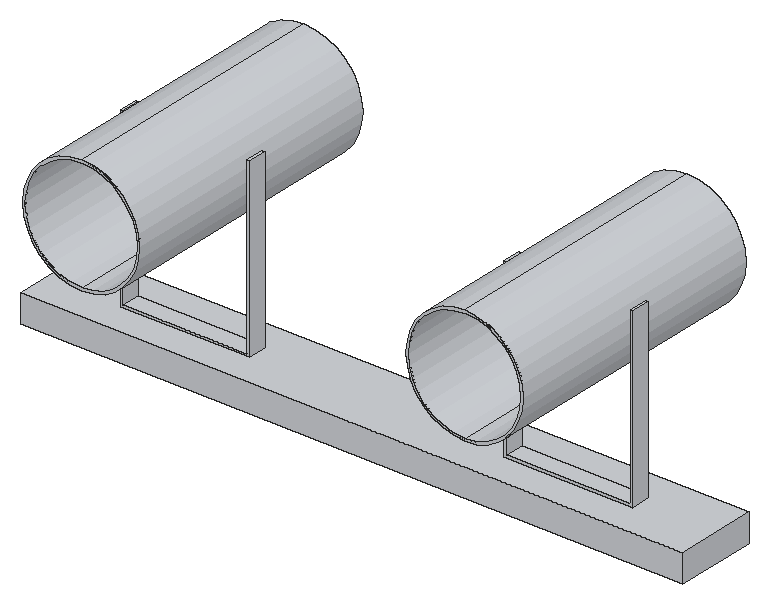
Revit family "EURS_63_LF_FB_ST321Y", category Lighting Fixtures, host Face, Revit 2018 (continued)
Definition of nested family "ST321Y IES Data"
  Types (216, lengths in mm): name | Wattage | built-in parameter 1150134 | Photometric Web File | built-in parameter 1150105 | Lumens | Lamp | built-in parameter 1150107 | built-in parameter 1150106 | built-in parameter 1150104 | Apparent Load
    1 xLED20S_PW930 HNB | 20.5 W | (empty or 0) | "ST321Y 1 xLED20S_PW930 HNB.ies" | 159.15 (stored number, unit not read) | 2000 lm | "LED20S/PW930/-" | 3000 (stored number, unit not read) | 1.5915 (stored number, unit not read) | 9.0637 (stored number, unit not read) | 20.5 VA
    1 xLED20S_840 NB | 21 W | 12 | "ST321Y 1 xLED20S_840 NB.ies" | 190.99 (stored number, unit not read) | 2400 lm | "LED20S/840/-" | 4000 (stored number, unit not read) | 1.9099 (stored number, unit not read) | 10.617 (stored number, unit not read) | 21 VA
    1 xLED20S_840 HNB | 21 W | 12 | "ST321Y 1 xLED20S_840 HNB.ies" | 190.99 (stored number, unit not read) | 2400 lm | "LED20S/840/-" | 4000 (stored number, unit not read) | 1.9099 (stored number, unit not read) | 10.617 (stored number, unit not read) | 21 VA
    1 xLED20S_830 NB | 21 W | (empty or 0) | "ST321Y 1 xLED20S_830 NB.ies" | 175.07 (stored number, unit not read) | 2200 lm | "LED20S/830/-" | 3000 (stored number, unit not read) | 1.7507 (stored number, unit not read) | 9.7327 (stored number, unit not read) | 21 VA
    1 xLED20S_830 HNB | 21 W | (empty or 0) | "ST321Y 1 xLED20S_830 HNB.ies" | 183.03 (stored number, unit not read) | 2300 lm | "LED20S/830/-" | 3000 (stored number, unit not read) | 1.8303 (stored number, unit not read) | 10.175 (stored number, unit not read) | 21 VA
    1 xLED20S_827 NB | 21 W | (empty or 0) | "ST321Y 1 xLED20S_827 NB.ies" | 175.07 (stored number, unit not read) | 2200 lm | "LED20S/827/-" | 2700 (stored number, unit not read) | 1.7507 (stored number, unit not read) | 9.7327 (stored number, unit not read) | 21 VA
    1 xLED20S_827 HNB | 21 W | (empty or 0) | "ST321Y 1 xLED20S_827 HNB.ies" | 175.07 (stored number, unit not read) | 2200 lm | "LED20S/827/-" | 2700 (stored number, unit not read) | 1.7507 (stored number, unit not read) | 9.7327 (stored number, unit not read) | 21 VA
    1 xLED19S_ROSE VWB | 19 W | (empty or 0) | "ST321Y 1 xLED19S_ROSE VWB.ies" | 155.18 (stored number, unit not read) | 1950 lm | "LED19S/ROSE/-" | 3000 (stored number, unit not read) | 1.5518 (stored number, unit not read) | 9.5348 (stored number, unit not read) | 19 VA
    1 xLED19S_ROSE OVL-V | 19 W | (empty or 0) | "ST321Y 1 xLED19S_ROSE OVL-V.ies" | 143.24 (stored number, unit not read) | 1800 lm | "LED19S/ROSE/-" | 3000 (stored number, unit not read) | 1.4324 (stored number, unit not read) | 8.8013 (stored number, unit not read) | 19 VA
    1 xLED19S_ROSE OVL-H | 19 W | (empty or 0) | "ST321Y 1 xLED19S_ROSE OVL-H.ies" | 143.24 (stored number, unit not read) | 1800 lm | "LED19S/ROSE/-" | 3000 (stored number, unit not read) | 1.4324 (stored number, unit not read) | 8.8013 (stored number, unit not read) | 19 VA
    1 xLED19S_ROSE HWB | 19 W | (empty or 0) | "ST321Y 1 xLED19S_ROSE HWB.ies" | 159.15 (stored number, unit not read) | 2000 lm | "LED19S/ROSE/-" | 3000 (stored number, unit not read) | 1.5915 (stored number, unit not read) | 9.7793 (stored number, unit not read) | 19 VA
    1 xLED19S_ROSE HVWB | 19 W | (empty or 0) | "ST321Y 1 xLED19S_ROSE HVWB.ies" | 159.15 (stored number, unit not read) | 2000 lm | "LED19S/ROSE/-" | 3000 (stored number, unit not read) | 1.5915 (stored number, unit not read) | 9.7793 (stored number, unit not read) | 19 VA
    1 xLED19S_ROSE HOVL-V | 19 W | (empty or 0) | "ST321Y 1 xLED19S_ROSE HOVL-V.ies" | 147.22 (stored number, unit not read) | 1850 lm | "LED19S/ROSE/-" | 3000 (stored number, unit not read) | 1.4722 (stored number, unit not read) | 9.0458 (stored number, unit not read) | 19 VA
    1 xLED19S_ROSE HOVL-H | 19 W | (empty or 0) | "ST321Y 1 xLED19S_ROSE HOVL-H.ies" | 147.22 (stored number, unit not read) | 1850 lm | "LED19S/ROSE/-" | 3000 (stored number, unit not read) | 1.4722 (stored number, unit not read) | 9.0458 (stored number, unit not read) | 19 VA
    1 xLED19S_ROSE HMB | 19 W | (empty or 0) | "ST321Y 1 xLED19S_ROSE HMB.ies" | 159.15 (stored number, unit not read) | 2000 lm | "LED19S/ROSE/-" | 3000 (stored number, unit not read) | 1.5915 (stored number, unit not read) | 9.7793 (stored number, unit not read) | 19 VA
    1 xLED19S_FMT OVL-V | 23 W | (empty or 0) | "ST321Y 1 xLED19S_FMT OVL-V.ies" | 135.28 (stored number, unit not read) | 1700 lm | "LED19S/FMT/-" | 3000 (stored number, unit not read) | 1.3528 (stored number, unit not read) | 6.8667 (stored number, unit not read) | 23 VA
    1 xLED19S_FMT OVL-H | 23 W | (empty or 0) | "ST321Y 1 xLED19S_FMT OVL-H.ies" | 135.28 (stored number, unit not read) | 1700 lm | "LED19S/FMT/-" | 3000 (stored number, unit not read) | 1.3528 (stored number, unit not read) | 6.8667 (stored number, unit not read) | 23 VA
    1 xLED19S_FMT MB | 23 W | (empty or 0) | "ST321Y 1 xLED19S_FMT MB.ies" | 147.22 (stored number, unit not read) | 1850 lm | "LED19S/FMT/-" | 3000 (stored number, unit not read) | 1.4722 (stored number, unit not read) | 7.4726 (stored number, unit not read) | 23 VA
    1 xLED19S_FMT HWB | 23 W | (empty or 0) | "ST321Y 1 xLED19S_FMT HWB.ies" | 151.2 (stored number, unit not read) | 1900 lm | "LED19S/FMT/-" | 3000 (stored number, unit not read) | 1.512 (stored number, unit not read) | 7.6746 (stored number, unit not read) | 23 VA
    1 xLED19S_FMT HVWB | 23 W | (empty or 0) | "ST321Y 1 xLED19S_FMT HVWB.ies" | 151.2 (stored number, unit not read) | 1900 lm | "LED19S/FMT/-" | 3000 (stored number, unit not read) | 1.512 (stored number, unit not read) | 7.6746 (stored number, unit not read) | 23 VA
    1 xLED19S_FMT HOVL-V | 23 W | (empty or 0) | "ST321Y 1 xLED19S_FMT HOVL-V.ies" | 139.26 (stored number, unit not read) | 1750 lm | "LED19S/FMT/-" | 3000 (stored number, unit not read) | 1.3926 (stored number, unit not read) | 7.0687 (stored number, unit not read) | 23 VA
    1 xLED19S_FMT HOVL-H | 23 W | (empty or 0) | "ST321Y 1 xLED19S_FMT HOVL-H.ies" | 139.26 (stored number, unit not read) | 1750 lm | "LED19S/FMT/-" | 3000 (stored number, unit not read) | 1.3926 (stored number, unit not read) | 7.0687 (stored number, unit not read) | 23 VA
    1 xLED19S_FMT HMB | 23 W | (empty or 0) | "ST321Y 1 xLED19S_FMT HMB.ies" | 151.2 (stored number, unit not read) | 1900 lm | "LED19S/FMT/-" | 3000 (stored number, unit not read) | 1.512 (stored number, unit not read) | 7.6746 (stored number, unit not read) | 23 VA
    1 xLED17S_PW930 WB | 13.6 W | (empty or 0) | "ST321Y 1 xLED17S_PW930 WB.ies" | 139.26 (stored number, unit not read) | 1750 lm | "LED17S/PW930/-" | 3000 (stored number, unit not read) | 1.3926 (stored number, unit not read) | 11.954 (stored number, unit not read) | 13.6 VA
    1 xLED17S_PW930 OVL-V | 13.6 W | (empty or 0) | "ST321Y 1 xLED17S_PW930 OVL-V.ies" | 127.32 (stored number, unit not read) | 1600 lm | "LED17S/PW930/-" | 3000 (stored number, unit not read) | 1.2732 (stored number, unit not read) | 10.93 (stored number, unit not read) | 13.6 VA
    1 xLED17S_PW930 OVL-H | 13.6 W | (empty or 0) | "ST321Y 1 xLED17S_PW930 OVL-H.ies" | 127.32 (stored number, unit not read) | 1600 lm | "LED17S/PW930/-" | 3000 (stored number, unit not read) | 1.2732 (stored number, unit not read) | 10.93 (stored number, unit not read) | 13.6 VA
    1 xLED17S_PW930 HWB | 13.6 W | (empty or 0) | "ST321Y 1 xLED17S_PW930 HWB.ies" | 143.24 (stored number, unit not read) | 1800 lm | "LED17S/PW930/-" | 3000 (stored number, unit not read) | 1.4324 (stored number, unit not read) | 12.296 (stored number, unit not read) | 13.6 VA
    1 xLED17S_PW930 HVWB | 13.6 W | (empty or 0) | "ST321Y 1 xLED17S_PW930 HVWB.ies" | 143.24 (stored number, unit not read) | 1800 lm | "LED17S/PW930/-" | 3000 (stored number, unit not read) | 1.4324 (stored number, unit not read) | 12.296 (stored number, unit not read) | 13.6 VA
    1 xLED17S_PW930 HOVL-V | 13.6 W | (empty or 0) | "ST321Y 1 xLED17S_PW930 HOVL-V.ies" | 131.3 (stored number, unit not read) | 1650 lm | "LED17S/PW930/-" | 3000 (stored number, unit not read) | 1.313 (stored number, unit not read) | 11.271 (stored number, unit not read) | 13.6 VA
    1 xLED17S_PW930 HOVL-H | 13.6 W | (empty or 0) | "ST321Y 1 xLED17S_PW930 HOVL-H.ies" | 131.3 (stored number, unit not read) | 1650 lm | "LED17S/PW930/-" | 3000 (stored number, unit not read) | 1.313 (stored number, unit not read) | 11.271 (stored number, unit not read) | 13.6 VA
    1 xLED17S_PW930 HMB | 13.6 W | (empty or 0) | "ST321Y 1 xLED17S_PW930 HMB.ies" | 143.24 (stored number, unit not read) | 1800 lm | "LED17S/PW930/-" | 3000 (stored number, unit not read) | 1.4324 (stored number, unit not read) | 12.296 (stored number, unit not read) | 13.6 VA
    1 xLED17S_CH WB | 13.6 W | (empty or 0) | "ST321Y 1 xLED17S_CH WB.ies" | 139.26 (stored number, unit not read) | 1750 lm | "LED17S/CH/-" | 3000 (stored number, unit not read) | 1.3926 (stored number, unit not read) | 11.954 (stored number, unit not read) | 13.6 VA
    1 xLED17S_CH OVL-V | 13.6 W | (empty or 0) | "ST321Y 1 xLED17S_CH OVL-V.ies" | 127.32 (stored number, unit not read) | 1600 lm | "LED17S/CH/-" | 3000 (stored number, unit not read) | 1.2732 (stored number, unit not read) | 10.93 (stored number, unit not read) | 13.6 VA
    1 xLED17S_CH OVL-H | 13.6 W | (empty or 0) | "ST321Y 1 xLED17S_CH OVL-H.ies" | 127.32 (stored number, unit not read) | 1600 lm | "LED17S/CH/-" | 3000 (stored number, unit not read) | 1.2732 (stored number, unit not read) | 10.93 (stored number, unit not read) | 13.6 VA
    1 xLED17S_CH HWB | 13.6 W | (empty or 0) | "ST321Y 1 xLED17S_CH HWB.ies" | 143.24 (stored number, unit not read) | 1800 lm | "LED17S/CH/-" | 3000 (stored number, unit not read) | 1.4324 (stored number, unit not read) | 12.296 (stored number, unit not read) | 13.6 VA
    1 xLED17S_CH HVWB | 13.6 W | (empty or 0) | "ST321Y 1 xLED17S_CH HVWB.ies" | 143.24 (stored number, unit not read) | 1800 lm | "LED17S/CH/-" | 3000 (stored number, unit not read) | 1.4324 (stored number, unit not read) | 12.296 (stored number, unit not read) | 13.6 VA
    1 xLED17S_CH HOVL-V | 13.6 W | (empty or 0) | "ST321Y 1 xLED17S_CH HOVL-V.ies" | 135.28 (stored number, unit not read) | 1700 lm | "LED17S/CH/-" | 3000 (stored number, unit not read) | 1.3528 (stored number, unit not read) | 11.613 (stored number, unit not read) | 13.6 VA
    1 xLED17S_CH HOVL-H | 13.6 W | (empty or 0) | "ST321Y 1 xLED17S_CH HOVL-H.ies" | 135.28 (stored number, unit not read) | 1700 lm | "LED17S/CH/-" | 3000 (stored number, unit not read) | 1.3528 (stored number, unit not read) | 11.613 (stored number, unit not read) | 13.6 VA
    1 xLED17S_CH HMB | 13.6 W | (empty or 0) | "ST321Y 1 xLED17S_CH HMB.ies" | 143.24 (stored number, unit not read) | 1800 lm | "LED17S/CH/-" | 3000 (stored number, unit not read) | 1.4324 (stored number, unit not read) | 12.296 (stored number, unit not read) | 13.6 VA
    1 xLED17S_840 WB | 13.6 W | 12 | "ST321Y 1 xLED17S_840 WB.ies" | 151.2 (stored number, unit not read) | 1900 lm | "LED17S/840/-" | 4000 (stored number, unit not read) | 1.512 (stored number, unit not read) | 12.979 (stored number, unit not read) | 13.6 VA
    1 xLED17S_840 OVL-V | 13.6 W | 12 | "ST321Y 1 xLED17S_840 OVL-V.ies" | 139.26 (stored number, unit not read) | 1750 lm | "LED17S/840/-" | 4000 (stored number, unit not read) | 1.3926 (stored number, unit not read) | 11.954 (stored number, unit not read) | 13.6 VA
    1 xLED17S_840 OVL-H | 13.6 W | 12 | "ST321Y 1 xLED17S_840 OVL-H.ies" | 139.26 (stored number, unit not read) | 1750 lm | "LED17S/840/-" | 4000 (stored number, unit not read) | 1.3926 (stored number, unit not read) | 11.954 (stored number, unit not read) | 13.6 VA
    1 xLED17S_840 HWB | 13.6 W | 12 | "ST321Y 1 xLED17S_840 HWB.ies" | 155.18 (stored number, unit not read) | 1950 lm | "LED17S/840/-" | 4000 (stored number, unit not read) | 1.5518 (stored number, unit not read) | 13.321 (stored number, unit not read) | 13.6 VA
    1 xLED17S_840 HVWB | 13.6 W | 12 | "ST321Y 1 xLED17S_840 HVWB.ies" | 155.18 (stored number, unit not read) | 1950 lm | "LED17S/840/-" | 4000 (stored number, unit not read) | 1.5518 (stored number, unit not read) | 13.321 (stored number, unit not read) | 13.6 VA
    1 xLED17S_840 HOVL-V | 13.6 W | 12 | "ST321Y 1 xLED17S_840 HOVL-V.ies" | 143.24 (stored number, unit not read) | 1800 lm | "LED17S/840/-" | 4000 (stored number, unit not read) | 1.4324 (stored number, unit not read) | 12.296 (stored number, unit not read) | 13.6 VA
    1 xLED17S_840 HOVL-H | 13.6 W | 12 | "ST321Y 1 xLED17S_840 HOVL-H.ies" | 143.24 (stored number, unit not read) | 1800 lm | "LED17S/840/-" | 4000 (stored number, unit not read) | 1.4324 (stored number, unit not read) | 12.296 (stored number, unit not read) | 13.6 VA
    1 xLED17S_840 HMB | 13.6 W | 12 | "ST321Y 1 xLED17S_840 HMB.ies" | 155.18 (stored number, unit not read) | 1950 lm | "LED17S/840/-" | 4000 (stored number, unit not read) | 1.5518 (stored number, unit not read) | 13.321 (stored number, unit not read) | 13.6 VA
    1 xLED17S_830 WB | 13.6 W | (empty or 0) | "ST321Y 1 xLED17S_830 WB.ies" | 143.24 (stored number, unit not read) | 1800 lm | "LED17S/830/-" | 3000 (stored number, unit not read) | 1.4324 (stored number, unit not read) | 12.296 (stored number, unit not read) | 13.6 VA
    1 xLED17S_830 OVL-V | 13.6 W | (empty or 0) | "ST321Y 1 xLED17S_830 OVL-V.ies" | 135.28 (stored number, unit not read) | 1700 lm | "LED17S/830/-" | 3000 (stored number, unit not read) | 1.3528 (stored number, unit not read) | 11.613 (stored number, unit not read) | 13.6 VA
    1 xLED17S_830 OVL-H | 13.6 W | (empty or 0) | "ST321Y 1 xLED17S_830 OVL-H.ies" | 135.28 (stored number, unit not read) | 1700 lm | "LED17S/830/-" | 3000 (stored number, unit not read) | 1.3528 (stored number, unit not read) | 11.613 (stored number, unit not read) | 13.6 VA
    1 xLED17S_830 HWB | 13.6 W | (empty or 0) | "ST321Y 1 xLED17S_830 HWB.ies" | 151.2 (stored number, unit not read) | 1900 lm | "LED17S/830/-" | 3000 (stored number, unit not read) | 1.512 (stored number, unit not read) | 12.979 (stored number, unit not read) | 13.6 VA
    1 xLED17S_830 HVWB | 13.6 W | (empty or 0) | "ST321Y 1 xLED17S_830 HVWB.ies" | 151.2 (stored number, unit not read) | 1900 lm | "LED17S/830/-" | 3000 (stored number, unit not read) | 1.512 (stored number, unit not read) | 12.979 (stored number, unit not read) | 13.6 VA
    1 xLED17S_830 HOVL-V | 13.6 W | (empty or 0) | "ST321Y 1 xLED17S_830 HOVL-V.ies" | 139.26 (stored number, unit not read) | 1750 lm | "LED17S/830/-" | 3000 (stored number, unit not read) | 1.3926 (stored number, unit not read) | 11.954 (stored number, unit not read) | 13.6 VA
    1 xLED17S_830 HOVL-H | 13.6 W | (empty or 0) | "ST321Y 1 xLED17S_830 HOVL-H.ies" | 139.26 (stored number, unit not read) | 1750 lm | "LED17S/830/-" | 3000 (stored number, unit not read) | 1.3926 (stored number, unit not read) | 11.954 (stored number, unit not read) | 13.6 VA
    1 xLED17S_830 HMB | 13.6 W | (empty or 0) | "ST321Y 1 xLED17S_830 HMB.ies" | 151.2 (stored number, unit not read) | 1900 lm | "LED17S/830/-" | 3000 (stored number, unit not read) | 1.512 (stored number, unit not read) | 12.979 (stored number, unit not read) | 13.6 VA
    1 xLED17S_827 WB | 13.6 W | (empty or 0) | "ST321Y 1 xLED17S_827 WB.ies" | 139.26 (stored number, unit not read) | 1750 lm | "LED17S/827/-" | 2700 (stored number, unit not read) | 1.3926 (stored number, unit not read) | 11.954 (stored number, unit not read) | 13.6 VA
    1 xLED17S_827 OVL-V | 13.6 W | (empty or 0) | "ST321Y 1 xLED17S_827 OVL-V.ies" | 127.32 (stored number, unit not read) | 1600 lm | "LED17S/827/-" | 2700 (stored number, unit not read) | 1.2732 (stored number, unit not read) | 10.93 (stored number, unit not read) | 13.6 VA
    1 xLED17S_827 OVL-H | 13.6 W | (empty or 0) | "ST321Y 1 xLED17S_827 OVL-H.ies" | 127.32 (stored number, unit not read) | 1600 lm | "LED17S/827/-" | 2700 (stored number, unit not read) | 1.2732 (stored number, unit not read) | 10.93 (stored number, unit not read) | 13.6 VA
    1 xLED17S_827 HWB | 13.6 W | (empty or 0) | "ST321Y 1 xLED17S_827 HWB.ies" | 143.24 (stored number, unit not read) | 1800 lm | "LED17S/827/-" | 2700 (stored number, unit not read) | 1.4324 (stored number, unit not read) | 12.296 (stored number, unit not read) | 13.6 VA
    1 xLED17S_827 HVWB | 13.6 W | (empty or 0) | "ST321Y 1 xLED17S_827 HVWB.ies" | 143.24 (stored number, unit not read) | 1800 lm | "LED17S/827/-" | 2700 (stored number, unit not read) | 1.4324 (stored number, unit not read) | 12.296 (stored number, unit not read) | 13.6 VA
    1 xLED17S_827 HOVL-V | 13.6 W | (empty or 0) | "ST321Y 1 xLED17S_827 HOVL-V.ies" | 135.28 (stored number, unit not read) | 1700 lm | "LED17S/827/-" | 2700 (stored number, unit not read) | 1.3528 (stored number, unit not read) | 11.613 (stored number, unit not read) | 13.6 VA
    1 xLED17S_827 HOVL-H | 13.6 W | (empty or 0) | "ST321Y 1 xLED17S_827 HOVL-H.ies" | 135.28 (stored number, unit not read) | 1700 lm | "LED17S/827/-" | 2700 (stored number, unit not read) | 1.3528 (stored number, unit not read) | 11.613 (stored number, unit not read) | 13.6 VA
    1 xLED17S_827 HMB | 13.6 W | (empty or 0) | "ST321Y 1 xLED17S_827 HMB.ies" | 143.24 (stored number, unit not read) | 1800 lm | "LED17S/827/-" | 2700 (stored number, unit not read) | 1.4324 (stored number, unit not read) | 12.296 (stored number, unit not read) | 13.6 VA
  Reference planes
    plane 1 "Center (Front/Back)": y = 0
    plane 2: z = 0
    plane 3 "Center (Left/Right)": x = 0
  Forms (mm)
    Extrusion 1, solid
      sketch origin (0, 0, 0) x (1, 0, 0) y (0, 1, 0)
        loop
          line (-1219.2, 1219.2) -> (-1219.2, -1219.2) -> (1219.2, -1219.2) -> (1219.2, 1219.2) -> (-1219.2, 1219.2)
      from 0 to 123.942
  Dimensions and locks
    aligned and locked: plane 2 to Extrusion 1
    aligned and locked: level to Extrusion 1
Definition of nested family "2D-PL-Rond + symbool + peil"
  Parameters (values of type "2D symbool")
    radius [instance] = Diameters / 2  # 125 mm
    Visibility 2D symbol = yes
    Rotation XY [instance] = 70.00°
    Diameters [instance] = 250 mm
    Description = "Armatuur symbool"
    Copyright © Cadac = "www.cadac.com/aec"
    Cadac content versie = ""
    Assembly Code = ""
  Reference planes
    plane 1 "Center (Front/Back)": y = 0
    plane 2: z = 0
    plane 3 "Center (Left/Right)": x = 0
  Lines and regions (mm)
    symbolic lines
      curve 1: circle (0, 0, 0) r 125 normal (0, 0, 1)
    reference lines
      curve 2: line (0, 0, 0) -> (114.577, 314.797, 0)
  Dimensions and locks
    locked: plane 3 "Center (Left/Right)" to nested 2 at 0
    "Diameters": diameter of curve 1
    "Rotation XY": angle plane 1 "Center (Front/Back)" to curve 2
    aligned and locked: plane 3 "Center (Left/Right)" to curve 2
    aligned and locked: plane 1 "Center (Front/Back)" to curve 2
    aligned and locked: nested 2 to curve 2
  Automatic sketch dimensions
    plane 1 "Center (Front/Back)" to curve 1 = 0 mm
    curve 1 to plane 3 "Center (Left/Right)" = 0 mm
  Nested families
    nested 1: "PL-opbouwarmatuur plafond rond" at (0, 0, 0), radius cirkel <- "radius", visible <- "Visibility 2D symbol", type "PL lichtpunt"
      with radius cirkel 125 mm, lengte symbool 162.5 mm, l1 140 mm, breedte symbool 150 mm, b1 52.5 mm, Diameters 250 mm
    nested 2: "2D-PL-peil" at (0, 0, 0) x (-0.342, -0.9397, 0) z (0, 0, 1), visible <- "Visibility 2D symbol", type "2D symbool"
  Definition of nested family "PL-opbouwarmatuur plafond rond"
    Parameters (values of type "PL lichtpunt")
      radius cirkel [instance] = 200 mm
      lengte symbool [instance] = 162.5 mm
      l1 [instance] = 140 mm
      breedte symbool [instance] = radius cirkel + 25 mm  # 225 mm
      b1 [instance] = 52.5 mm
      Diameters = 74 mm
      Description = "PL lichtpunt"
      Copyright © Cadac = "www.cadac.com/aec"
      Cadac content versie = "4.0"  # constant formula
      Assembly Code = ""
    Reference planes
      plane 1 "Center (Front/Back)": y = 0
      plane 2: z = 0
      plane 3 "Center (Left/Right)": x = 0
      plane 4: y = 112.5
      plane 5: y = -112.5
    Lines and regions (mm)
      symbolic lines
        curve 1: circle (0, 0, 0) r 200 normal (0, 0, 1)
        curve 2: line (-165.359, 112.5, 0) -> (165.359, -112.5, 0)
        curve 3: line (-165.359, -112.5, 0) -> (165.359, 112.5, 0)
    Dimensions and locks
      equal spacing: plane 4, plane 1 "Center (Front/Back)", plane 5
      "breedte symbool": plane 4 to plane 5
      "radius cirkel": radius of curve 1
      aligned and locked: plane 4 to curve 2
      aligned and locked: plane 4 to curve 3
      aligned and locked: plane 5 to curve 3
      aligned and locked: plane 5 to curve 2
    Automatic sketch dimensions
      plane 1 "Center (Front/Back)" to curve 1 = 0 mm
      curve 1 to plane 3 "Center (Left/Right)" = 0 mm
  Definition of nested family "2D-PL-peil"
    Parameters (values of type "2D symbool")
      lengte = 200 mm
      Type Comments = "GEEN CALCULATIEOBJECT"
      Peil lengte = 100 mm
      Manufacturer = ""
      Description = "Armatuur 2D symbool"
      Default Elevation = 1219.2 mm
      Copyright © Cadac = "www.cadac.com/aec"
      Cadac content versie = ""
      Assembly Code = ""
    Reference planes
      plane 1 "Center (Front/Back)": y = 0
      plane 2: z = 0
      plane 3 "Center (Left/Right)": x = 0
      plane 4: y = 150
      plane 5: y = -150
      plane 6: y = 176.777
      plane 7: x = -176.777
      plane 8: x = 176.777
      plane 9: y = -176.777
      plane 10: y = 400
      plane 11: y = -191.421
      plane 12: y = -206.066
      plane 13: y = -220.711
      plane 14: y = -235.355
    Lines and regions (mm)
      symbolic lines
        curve 1: line (-200, 0, 0) -> (0, 0, 0)
        curve 2: line (-200, 0, 0) -> (-121.849, 62.389, 0)
        curve 3: line (-200, 0, 0) -> (-121.849, -62.389, 0)
      reference lines
        curve 4: line (100, -50, 0) -> (-245, -50, 0)
    Dimensions and locks
      equal spacing: plane 5, plane 1 "Center (Front/Back)", plane 4
      locked: plane 4 to plane 5 at 300
      locked: plane 7 to plane 8 at 353.553
      locked: plane 6 to plane 9 at 353.553
      equal spacing: plane 7, plane 3 "Center (Left/Right)", plane 8
      equal spacing: plane 6, plane 1 "Center (Front/Back)", plane 9
      locked: plane 1 "Center (Front/Back)" to plane 10 at 400
      equal spacing: plane 9, plane 11, plane 12, plane 13, plane 14
      locked: plane 9 to plane 14 at 58.579
      "lengte": curve 1 to curve 1
      "Peil lengte": curve 2 to curve 2
      "Peil lengte": curve 3 to curve 3
    Automatic sketch dimensions
      curve 4 to plane 7 = 68.223 mm
      plane 1 "Center (Front/Back)" to curve 4 = 50 mm
      curve 4 to plane 8 = 76.777 mm
      plane 1 "Center (Front/Back)" to curve 3 = 0 mm
      curve 1 to plane 3 "Center (Left/Right)" = 0 mm
      plane 7 to curve 2 = 54.928 mm
      plane 7 to curve 3 = 54.928 mm
Definition of nested family "2D-PL-peil"
  Parameters (values of type "2D symbool")
    lengte = 200 mm
    Type Comments = "GEEN CALCULATIEOBJECT"
    Peil lengte = 100 mm
    Manufacturer = ""
    Description = "Armatuur 2D symbool"
    Default Elevation = 1219.2 mm
    Copyright © Cadac = "www.cadac.com/aec"
    Cadac content versie = ""
    Assembly Code = ""
  Reference planes
    plane 1 "Center (Front/Back)": y = 0
    plane 2: z = 0
    plane 3 "Center (Left/Right)": x = 0
    plane 4: y = 150
    plane 5: y = -150
    plane 6: y = 176.777
    plane 7: x = -176.777
    plane 8: x = 176.777
    plane 9: y = -176.777
    plane 10: y = 400
    plane 11: y = -191.421
    plane 12: y = -206.066
    plane 13: y = -220.711
    plane 14: y = -235.355
  Lines and regions (mm)
    symbolic lines
      curve 1: line (-200, 0, 0) -> (0, 0, 0)
      curve 2: line (-200, 0, 0) -> (-121.849, 62.389, 0)
      curve 3: line (-200, 0, 0) -> (-121.849, -62.389, 0)
    reference lines
      curve 4: line (100, -50, 0) -> (-245, -50, 0)
  Dimensions and locks
    equal spacing: plane 5, plane 1 "Center (Front/Back)", plane 4
    locked: plane 4 to plane 5 at 300
    locked: plane 7 to plane 8 at 353.553
    locked: plane 6 to plane 9 at 353.553
    equal spacing: plane 7, plane 3 "Center (Left/Right)", plane 8
    equal spacing: plane 6, plane 1 "Center (Front/Back)", plane 9
    locked: plane 1 "Center (Front/Back)" to plane 10 at 400
    equal spacing: plane 9, plane 11, plane 12, plane 13, plane 14
    locked: plane 9 to plane 14 at 58.579
    "lengte": curve 1 to curve 1
    "Peil lengte": curve 2 to curve 2
    "Peil lengte": curve 3 to curve 3
  Automatic sketch dimensions
    curve 4 to plane 7 = 68.223 mm
    plane 1 "Center (Front/Back)" to curve 4 = 50 mm
    curve 4 to plane 8 = 76.777 mm
    plane 1 "Center (Front/Back)" to curve 3 = 0 mm
    curve 1 to plane 3 "Center (Left/Right)" = 0 mm
    plane 7 to curve 2 = 54.928 mm
    plane 7 to curve 3 = 54.928 mm
